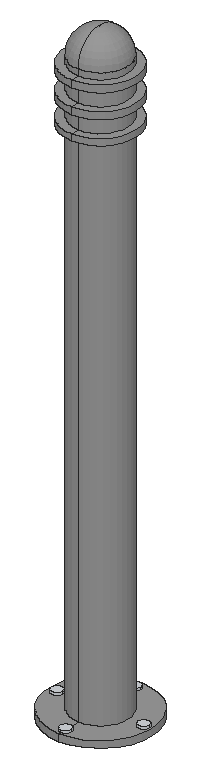
Revit family "Тротуарный столбик «Тесла»", category Антураж, Revit 2017
Family settings
  На основе рабочей плоскости = Нет
  Всегда вертикально = Да
  При загрузке вырезать с полостями = Нет
  Источник визуального образа = Геометрия семейства
  Общий = Нет
  Точка расчета площади = Нет
Parameters (values of type "Тротуарный столбик «Тесла»")
  Стоимость = 2528
  Изготовитель = "ООО \"Хоббика\""
  Высота = 0 mm
  URL = "https://hobbyka.ru/product/trotuarnyy_stolbik_tesla/?sphrase_id=70642"
  ADSK_Размер_Ширина = 150 mm
  ADSK_Размер_Диаметр = 80 mm
  ADSK_Размер_Высота = 900 mm
  ADSK_Наименование = "Тротуарный столбик «Тесла»"
  ADSK_Материал фурнитуры = none
  ADSK_Материал парковочного столба = Сталь, хромированная
  ADSK_Код изделия = "10659"
Reference planes
  plane 1 "По центру (Вперед/Назад)": y = 0
  plane 2: z = 0
  plane 3 "По центру (Влево/Вправо)": x = 0
Forms (mm)
  Revolve 1, solid, material "Сталь, хромированная" <- "ADSK_Материал парковочного столба"
    sketch origin (0, 0, 0) x (0, 1, 0) y (0, 0, 1)
      loop
        line (0, 0) -> (0, 900)
        arc (0, 900) -> (-28.284, 888.284) -> (-40, 860) r 40
        line (-40, 860) -> (-40, 851) -> (-52, 851) -> (-52, 841) -> (-40, 841) -> (-40, 816) -> (-52, 816) -> (-52, 806) -> (-40, 806) -> (-40, 781) -> (-52, 781) -> (-52, 772) -> (-40, 772) -> (-40, 10) -> (-75, 10) -> (-75, 0) -> (0, 0)
      axis (0, 900) -> (0, 0)
    angle from 0 to 360
  Extrusion 2, solid, material <- "ADSK_Материал фурнитуры"
    sketch origin (0, 0, 0) x (1, 0, 0) y (0, 1, 0)
      loop
        circle (0, 63) r 8
      loop
        circle (63, 0) r 8
      loop
        circle (0, -63) r 8
      loop
        circle (-63, 0) r 8
    from 10 to 12.5
Dimensions and locks
  aligned and locked: level to plane 2
